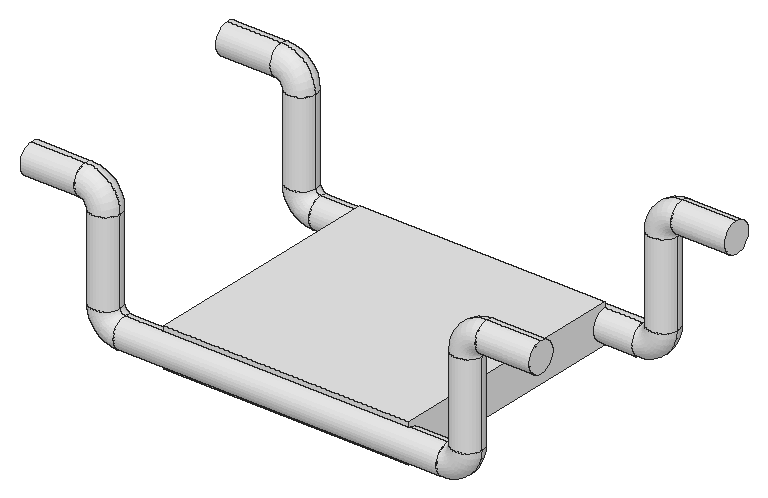
Revit family "a904765e-5bd2-4ae0-a95b-f6b34d1ab062", category Pipe Fittings, Revit 2016
Family settings
  Part Type = Elbow
  Round Connector Dimension = Use Diameter
  OmniClass Number = 23.45.05.14.11.17
  OmniClass Title = Shower/Bath Seats
  Work Plane-Based = No
  Always vertical = Yes
  Cut with Voids When Loaded = No
  Shared = No
Parameters (values of type "Bathtub Seat")
  Width = 1' - 0 1/2"  # constant formula
  White = no
  URL = "www.inprocorp.com"
  Type Comments = "Bathtub Seat"  # constant formula
  Subcategory = "Bath & Toilet Accessories"  # constant formula
  Special Color = no
  Series = "Triton"  # constant formula
  SMARTBIM Object Version = 3  # constant formula
  SMARTBIM Object Created By = "CADdetails, LTD."  # constant formula
  Revisions Date = "03/26/2010"  # constant formula
  Model = if(Special Color, "DSGBRWBS", if(White, "DSGBRWBS-WHT", "DSGBRWBS-IVRY"))  # "DSGBRWBS-IVRY"
  Masterformat Title = "Bath Accessories"  # constant formula
  Masterformat Number = "10.28.16"  # constant formula
  Manufacturer = "Inpro"  # constant formula
  Length_Seat = 1' - 0 1/2"  # constant formula
  Length = 2' - 2"
  LEED = ""
  Ivory = not(or(Special Color, White))  # yes
  Height = Default Elevation  # 3' - 0"
  HPD and EPD URL = "https://www.inprocorp.com/AboutInpro/OurObsessions/160160EPDHPDLibrary/tabid/364/Default.aspx"
  Description = "Removable & Width Adjustable"  # constant formula
  Revit Family Created by = "CADdetails, LTD."  # constant formula
  Depth = 0' - 6 5/16"  # constant formula
  Default Elevation = 3' - 0"
  Bath Seat = PVC - InPro - White
  Assembly Code = "C1030200"
  Arm Length = 1' - 6 1/2"
  Architectural Design Manual = "www.inprocorp.com/Products/Details.aspx?ProductId=463#downloads"
  95 CSI = "10800"  # constant formula
  04 CSI = "10 28 00"  # constant formula
Reference planes (in)
  plane 1 "Left": x = -10.89705
  plane 2: z = 0
  plane 3 "Front": y = -22.02228
  plane 4 "Top": z = 36
  plane 5 "Bottom": z = 29.6875
  plane 6 "Right": x = 15.10295
  plane 7 "Center (Left/Right)": x = 2.10295
  plane 8 "Back": y = -9.52228
  plane 9 "Left_Arm Seat": x = -7.14705
  plane 10 "Right_Arm Seat": x = 11.35295
  plane 11 "Left Edge_Seat": x = -4.14705
  plane 12 "Right Edge_Seat": x = 8.35295
  plane 13 "Center (Front/Back)": y = -15.77228
  plane 14 "Top of Tub": z = 35.25
Forms (in)
  Sweep 1, solid, material "PVC - InPro - White" <- "Bath Seat"
    path origin (0, -22.02228, 0) x (-1, 0, 0) y (0, 0, 1)
      loop
        line (10.89705, 36) -> (8.14705, 36)
        arc (8.14705, 36) -> (7.43994, 35.70711) -> (7.14705, 35) r 1
        line (7.14705, 35) -> (7.14705, 30.6875)
        arc (7.14705, 30.6875) -> (6.85415, 29.98039) -> (6.14705, 29.6875) r 1
        line (6.14705, 29.6875) -> (-10.35295, 29.6875)
        arc (-10.35295, 29.6875) -> (-11.06006, 29.98039) -> (-11.35295, 30.6875) r 1
        line (-11.35295, 30.6875) -> (-11.35295, 35)
        arc (-11.35295, 35) -> (-11.64585, 35.70711) -> (-12.35295, 36) r 1
        line (-12.35295, 36) -> (-15.10295, 36)
    profile origin (-9.52205, -22.02228, 36) x (0, 0, -1) y (0, 1, 0)
      loop
        circle (0, 0) r 0.75
  Sweep 2, solid, material "PVC - InPro - White" <- "Bath Seat"
    path origin (-13.64705, -9.52228, 47.24409) x (-1, 0, 0) y (0, 0, 1)
      loop
        line (-2.75, -11.24409) -> (-5.5, -11.24409)
        arc (-5.5, -11.24409) -> (-6.20711, -11.53699) -> (-6.5, -12.24409) r 1
        line (-6.5, -12.24409) -> (-6.5, -16.55659)
        arc (-6.5, -16.55659) -> (-6.79289, -17.2637) -> (-7.5, -17.55659) r 1
        line (-7.5, -17.55659) -> (-24, -17.55659)
        arc (-24, -17.55659) -> (-24.70711, -17.2637) -> (-25, -16.55659) r 1
        line (-25, -16.55659) -> (-25, -12.24409)
        arc (-25, -12.24409) -> (-25.29289, -11.53699) -> (-26, -11.24409) r 1
        line (-26, -11.24409) -> (-28.75, -11.24409)
    profile origin (-9.52205, -9.52228, 36) x (0, 0, -1) y (0, 1, 0)
      loop
        circle (0, 0) r 0.75
  Extrusion 3, solid, material "PVC - InPro - White" <- "Bath Seat"
    sketch origin (2.10295, 0, 0) x (0, 0, 1) y (0, -1, 0)
      loop
        line (30.6875, 22.02228) -> (28.6875, 22.02228) -> (28.6875, 9.52228) -> (30.6875, 9.52228) -> (30.6875, 22.02228)
    from -6.25 to 6.25
Lines and regions (in)
  Masking region 1, detail levels coarse
    outline origin (0, 0, 0) x (1, 0, 0) y (0, 1, 0)
      loop
        line (-10.89705, -8.77228) -> (-10.89705, -22.77228) -> (15.10295, -22.77228) -> (15.10295, -8.77228) -> (-10.89705, -8.77228)
  Masking region 2, detail levels medium+fine
    outline origin (0, 0, 0) x (1, 0, 0) y (0, 1, 0)
      loop
        line (-10.89705, -8.77228) -> (-10.89705, -10.27228) -> (15.10295, -10.27228) -> (15.10295, -8.77228) -> (-10.89705, -8.77228)
  Masking region 3, detail levels medium+fine
    outline origin (0, 0, 0) x (1, 0, 0) y (0, 1, 0)
      loop
        line (-10.89705, -21.27228) -> (-10.89705, -22.77228) -> (15.10295, -22.77228) -> (15.10295, -21.27228) -> (-10.89705, -21.27228)
  Masking region 4, detail levels medium+fine
    outline origin (0, 0, 0) x (1, 0, 0) y (0, 1, 0)
      loop
        line (-4.14705, -8.52228) -> (-4.14705, -23.02228) -> (8.35295, -23.02228) -> (8.35295, -8.52228) -> (-4.14705, -8.52228)
  Masking region 5, detail levels medium+fine
    outline origin (0, -22.02228, 0) x (-1, 0, 0) y (0, 0, 1)
      loop
        line (10.89705, 35.25) -> (10.89705, 36.75) -> (8.14705, 36.75)
        arc (8.14705, 36.75) -> (6.90961, 36.23744) -> (6.39705, 35) r 1.75
        line (6.39705, 35) -> (6.39705, 30.4375) -> (-10.60295, 30.4375) -> (-10.60295, 35)
        arc (-10.60295, 35) -> (-11.11552, 36.23744) -> (-12.35295, 36.75) r 1.75
        line (-12.35295, 36.75) -> (-15.10295, 36.75) -> (-15.10295, 35.25) -> (-12.10295, 35.25) -> (-12.10295, 30.6875)
        arc (-12.10295, 30.6875) -> (-11.59039, 29.45006) -> (-10.35295, 28.9375) r 1.75
        line (-10.35295, 28.9375) -> (6.14705, 28.9375)
        arc (6.14705, 28.9375) -> (7.38448, 29.45006) -> (7.89705, 30.6875) r 1.75
        line (7.89705, 30.6875) -> (7.89705, 35.25) -> (10.89705, 35.25)
  Masking region 6, detail levels fine
    outline origin (0, -22.02228, 0) x (-1, 0, 0) y (0, 0, 1)
      loop
        line (4.14705, 30.6875) -> (-8.35295, 30.6875) -> (-8.35295, 28.6875) -> (4.14705, 28.6875) -> (4.14705, 30.6875)
  Masking region 7, detail levels medium+fine
    outline origin (2.10295, 0, 0) x (0, 0, 1) y (0, -1, 0)
      loop
        line (30.6875, 23.02228) -> (28.6875, 23.02228) -> (28.6875, 8.52228) -> (30.6875, 8.52228) -> (30.6875, 23.02228)
  Masking region 8, detail levels medium+fine
    outline origin (2.10295, 0, 0) x (0, 0, 1) y (0, -1, 0)
      loop
        line (36, 10.27228) -> (29.6875, 10.27228)
        arc (29.6875, 10.27228) -> (29.15717, 10.05261) -> (28.9375, 9.52228) r 0.75
        arc (28.9375, 9.52228) -> (29.15717, 8.99195) -> (29.6875, 8.77228) r 0.75
        line (29.6875, 8.77228) -> (36, 8.77228)
        arc (36, 8.77228) -> (36.53033, 8.99195) -> (36.75, 9.52228) r 0.75
        arc (36.75, 9.52228) -> (36.53033, 10.05261) -> (36, 10.27228) r 0.75
  Masking region 9, detail levels medium+fine
    outline origin (2.10295, 0, 0) x (0, 0, 1) y (0, -1, 0)
      loop
        line (36, 22.77228) -> (29.6875, 22.77228)
        arc (29.6875, 22.77228) -> (29.15717, 22.55261) -> (28.9375, 22.02228) r 0.75
        arc (28.9375, 22.02228) -> (29.15717, 21.49195) -> (29.6875, 21.27228) r 0.75
        line (29.6875, 21.27228) -> (36, 21.27228)
        arc (36, 21.27228) -> (36.53033, 21.49195) -> (36.75, 22.02228) r 0.75
        arc (36.75, 22.02228) -> (36.53033, 22.55261) -> (36, 22.77228) r 0.75
  reference lines
    curve 1: line (-7.98125, -22.02228, 30.6875) -> (12.01875, -22.02228, 30.6875)
    curve 2: line (-7.98125, -22.02228, 28.6875) -> (12.01875, -22.02228, 28.6875)
  symbolic lines, detail levels coarse
    curve 3: line (-10.89705, -8.77228, 0) -> (15.10295, -22.77228, 0)
    curve 4: line (15.10295, -8.77228, 0) -> (-10.89705, -22.77228, 0)
    curve 31: line (-10.89705, -8.52228, 36.75) -> (-10.89705, -23.02228, 36.75)
    curve 32: line (-10.89705, -23.02228, 28.6875) -> (-10.89705, -23.02228, 36.75)
    curve 33: line (-10.89705, -8.52228, 28.6875) -> (-10.89705, -23.02228, 28.6875)
    curve 34: line (-10.89705, -8.52228, 36.75) -> (-10.89705, -8.52228, 28.6875)
    curve 35: line (-10.89705, -8.52228, 36.75) -> (-10.89705, -23.02228, 28.6875)
    curve 36: line (-10.89705, -8.52228, 28.6875) -> (-10.89705, -23.02228, 36.75)
    curve 37: line (-10.89705, -22.02228, 36.75) -> (-10.89705, -22.02228, 28.6875)
    curve 38: line (-10.89705, -22.02228, 28.6875) -> (15.10295, -22.02228, 28.6875)
    curve 39: line (15.10295, -22.02228, 28.6875) -> (15.10295, -22.02228, 36.75)
    curve 40: line (15.10295, -22.02228, 36.75) -> (-10.89705, -22.02228, 36.75)
    curve 41: line (-10.89705, -22.02228, 36.75) -> (15.10295, -22.02228, 28.6875)
    curve 42: line (-10.89705, -22.02228, 28.6875) -> (15.10295, -22.02228, 36.75)
  symbolic lines, detail levels fine
    curve 5: line (1.10295, -10.27228, 0) -> (3.10295, -10.27228, 0)
    curve 6: line (1.10295, -21.27228, 0) -> (1.10295, -10.27228, 0)
    curve 7: line (3.10295, -21.27228, 0) -> (1.10295, -21.27228, 0)
    curve 8: line (3.10295, -10.27228, 0) -> (3.10295, -21.27228, 0)
    curve 9: line (5.338, -10.27228, 0) -> (6.338, -10.27228, 0)
    curve 10: line (5.338, -23.02228, 0) -> (5.338, -8.52228, 0)
    curve 11: line (6.338, -21.27228, 0) -> (5.338, -21.27228, 0)
    curve 12: line (6.338, -10.27228, 0) -> (6.338, -21.27228, 0)
    curve 13: line (-1.13209, -10.27228, 0) -> (-2.13209, -10.27228, 0)
    curve 14: line (-1.13209, -23.02228, 0) -> (-1.13209, -8.52228, 0)
    curve 15: line (-2.13209, -21.27228, 0) -> (-1.13209, -21.27228, 0)
    curve 16: line (-2.13209, -10.27228, 0) -> (-2.13209, -21.27228, 0)
    curve 17: line (2.10295, -10.27228, 0) -> (2.10295, -8.52228, 0)
    curve 18: line (2.10295, -21.27228, 0) -> (2.10295, -23.02228, 0)
    curve 23: line (2.10295, -10.27228, 34) -> (2.10295, -21.27228, 34)
    curve 24: line (2.10295, -10.27228, 33) -> (2.10295, -10.27228, 34)
    curve 25: line (2.10295, -21.27228, 33) -> (2.10295, -10.27228, 33)
    curve 26: line (2.10295, -21.27228, 34) -> (2.10295, -21.27228, 33)
    curve 27: arc (11.35295, -8.77228, 0) -> (10.60295, -9.52228, 0) -> (11.35295, -10.27228, 0) r 0.75
    curve 28: arc (-7.14705, -10.27228, 0) -> (-6.39705, -9.52228, 0) -> (-7.14705, -8.77228, 0) r 0.75
    curve 29: arc (11.35295, -22.77228, 0) -> (10.60295, -22.02228, 0) -> (11.35295, -21.27228, 0) r 0.75
    curve 30: arc (-7.14705, -21.27228, 0) -> (-6.39705, -22.02228, 0) -> (-7.14705, -22.77228, 0) r 0.75
  symbolic lines, detail levels medium+fine
    curve 19: arc (2.10295, -9.52228, 36.75) -> (2.10295, -8.77228, 36) -> (2.10295, -9.52228, 35.25) r 0.75
    curve 20: arc (2.10295, -9.52228, 35.25) -> (2.10295, -10.27228, 36) -> (2.10295, -9.52228, 36.75) r 0.75
    curve 21: arc (2.10295, -22.02228, 36.75) -> (2.10295, -21.27228, 36) -> (2.10295, -22.02228, 35.25) r 0.75
    curve 22: arc (2.10295, -22.02228, 35.25) -> (2.10295, -22.77228, 36) -> (2.10295, -22.02228, 36.75) r 0.75
Dimensions and locks (in)
  "Width": plane 3 "Front" to plane 8 "Back"
  "Arm Length": plane 10 "Right_Arm Seat" to plane 9 "Left_Arm Seat"
  equal spacing: plane 10 "Right_Arm Seat", plane 7 "Center (Left/Right)", plane 9 "Left_Arm Seat"
  locked: Sweep 1 sketch curve to plane 10 "Right_Arm Seat" at 1
  locked: plane 5 "Bottom" to Sweep 1 sketch curve at 1  (x2)
  locked: Sweep 1 sketch curve to plane 9 "Left_Arm Seat" at 1
  locked: plane 9 "Left_Arm Seat" to Sweep 1 sketch curve at 1
  locked: Sweep 1 sketch curve to plane 4 "Top" at 1  (x2)
  locked: plane 10 "Right_Arm Seat" to Sweep 1 sketch curve at 1
  locked: plane 10 "Right_Arm Seat" to Sweep 2 sketch curve at 1
  locked: Sweep 2 sketch curve to plane 4 "Top" at 1  (x2)
  locked: Sweep 2 sketch curve to plane 10 "Right_Arm Seat" at 1
  locked: plane 5 "Bottom" to Sweep 2 sketch curve at 1  (x2)
  locked: Sweep 2 sketch curve to plane 9 "Left_Arm Seat" at 1
  locked: plane 9 "Left_Arm Seat" to Sweep 2 sketch curve at 1
  equal spacing: plane 11 "Left Edge_Seat", plane 7 "Center (Left/Right)", plane 12 "Right Edge_Seat"
  "Length_Seat": plane 11 "Left Edge_Seat" to plane 12 "Right Edge_Seat"
  "Height": plane 4 "Top" to level
  "Depth": plane 4 "Top" to plane 5 "Bottom"
  locked: curve 1 to curve 2 at 2
  equal spacing: curve 1, plane 5 "Bottom", curve 2
  "Length": plane 1 "Left" to plane 6 "Right"
  equal spacing: plane 1 "Left", plane 7 "Center (Left/Right)", plane 6 "Right"
  locked: plane 3 "Front" to Masking region 1 sketch curve at 0.75
  locked: Masking region 1 sketch curve to plane 8 "Back" at 0.75
  equal spacing: plane 8 "Back", plane 13 "Center (Front/Back)", plane 3 "Front"
  locked: plane 8 "Back" to Masking region 2 sketch curve at 0.75
  locked: Masking region 3 sketch curve to plane 3 "Front" at 0.75
  locked: Masking region 4 sketch curve to Masking region 4 sketch curve at 14.5
  equal spacing: Masking region 4 sketch curve, plane 13 "Center (Front/Back)", Masking region 4 sketch curve
  locked: Masking region 5 sketch curve to plane 9 "Left_Arm Seat" at 1
  locked: Masking region 5 sketch curve to plane 5 "Bottom" at 1  (x2)
  equal spacing: Masking region 5 sketch curve, plane 5 "Bottom", Masking region 5 sketch curve, locked at 0.75 each
  locked: plane 9 "Left_Arm Seat" to Masking region 5 sketch curve at 1
  locked: plane 4 "Top" to Masking region 5 sketch curve at 1  (x2)
  locked: plane 10 "Right_Arm Seat" to Masking region 5 sketch curve at 1
  locked: Masking region 5 sketch curve to plane 10 "Right_Arm Seat" at 1
  locked: Masking region 7 sketch curve to plane 8 "Back" at 1
  locked: plane 3 "Front" to Masking region 7 sketch curve at 1
  plane 4 "Top" to curve 23 to curve 25 = 0' - 2" locked, 0' - 1" locked
  locked: plane 4 "Top" to plane 14 "Top of Tub" at 0.75
  locked: plane 4 "Top" to curve 31 at 0.75
  aligned and locked: Extrusion 3 to plane 11 "Left Edge_Seat"
  aligned and locked: plane 10 "Right_Arm Seat" to Sweep 1 sketch curve
  aligned and locked: plane 4 "Top" to Sweep 1 sketch curve  (x3)
  aligned and locked: plane 9 "Left_Arm Seat" to Sweep 1 sketch curve
  aligned and locked: plane 5 "Bottom" to Sweep 1 sketch curve
  aligned and locked: plane 6 "Right" to Sweep 1 sketch curve
  aligned and locked: plane 1 "Left" to Sweep 1 sketch curve
  aligned and locked: plane 3 "Front" to Sweep 1 sketch curve
  aligned and locked: plane 5 "Bottom" to Sweep 2 sketch curve
  aligned and locked: plane 4 "Top" to Sweep 2 sketch curve  (x3)
  aligned and locked: plane 9 "Left_Arm Seat" to Sweep 2 sketch curve
  aligned and locked: plane 10 "Right_Arm Seat" to Sweep 2 sketch curve
  aligned and locked: plane 6 "Right" to Sweep 2 sketch curve
  aligned and locked: plane 1 "Left" to Sweep 2 sketch curve
  aligned and locked: profile plane to plane 4 "Top"
  aligned and locked: plane 8 "Back" to Sweep 2 sketch curve
  aligned and locked: Extrusion 3 to plane 12 "Right Edge_Seat"
  aligned and locked: Sweep 2 to Masking region 1 sketch curve
  aligned and locked: Masking region 1 sketch curve to Sweep 1
  aligned and locked: Masking region 1 to curve 3  (x2)
  aligned and locked: curve 4 to Masking region 1  (x2)
  aligned and locked: Masking region 2 sketch curve to Sweep 2
  aligned and locked: Masking region 2 sketch curve to Masking region 1
  aligned and locked: plane 1 "Left" to Masking region 2 sketch curve
  aligned and locked: Masking region 3 sketch curve to Masking region 1
  aligned and locked: Masking region 3 sketch curve to plane 6 "Right"
  aligned and locked: plane 1 "Left" to Masking region 3 sketch curve
  aligned and locked: plane 11 "Left Edge_Seat" to Masking region 4 sketch curve
  aligned and locked: plane 12 "Right Edge_Seat" to Masking region 4 sketch curve
  aligned and locked: Extrusion 3 to plane 3 "Front"
  aligned and locked: plane 8 "Back" to Extrusion 3
  aligned and locked: Masking region 2 to curve 5
  aligned and locked: Masking region 2 to curve 9
  aligned and locked: Masking region 3 to curve 7
  aligned and locked: Masking region 3 to curve 11
  aligned and locked: Masking region 4 to curve 10  (x2)
  aligned and locked: Masking region 4 to curve 14  (x2)
  aligned and locked: Masking region 4 to curve 17
  aligned and locked: plane 7 "Center (Left/Right)" to curve 17
  aligned and locked: Masking region 4 to curve 18
  aligned and locked: curve 18 to plane 7 "Center (Left/Right)"
  aligned and locked: curve 7 to curve 18
  aligned and locked: Sweep 1 to Masking region 5 sketch curve
  aligned and locked: Masking region 5 sketch curve to Sweep 1  (x3)
  aligned and locked: Masking region 5 sketch curve to plane 6 "Right"
  aligned and locked: Masking region 5 sketch curve to Masking region 5 sketch curve  (x2)
  aligned and locked: Masking region 6 sketch curve to Extrusion 3  (x4)
  aligned and locked: Masking region 7 sketch curve to Extrusion 3  (x2)
  aligned and locked: Masking region 8 sketch curve to Sweep 2
  aligned and locked: plane 5 "Bottom" to Masking region 8 sketch curve  (x2)
  aligned and locked: plane 4 "Top" to Masking region 8 sketch curve  (x2)
  aligned and locked: Masking region 9 sketch curve to Sweep 1
  aligned and locked: plane 5 "Bottom" to Masking region 9 sketch curve  (x2)
  aligned and locked: plane 4 "Top" to Masking region 9 sketch curve  (x2)
  aligned and locked: curve 19 to Sweep 2
  aligned and locked: curve 21 to Sweep 1
  aligned and locked: curve 26 to Masking region 9
  aligned and locked: curve 24 to Masking region 8
  aligned and locked: plane 7 "Center (Left/Right)" to nested 1
  aligned and locked: nested 1 to plane 13 "Center (Front/Back)"
  aligned and locked: plane 8 "Back" to curve 27
  aligned and locked: plane 10 "Right_Arm Seat" to curve 27
  aligned and locked: plane 9 "Left_Arm Seat" to curve 28
  aligned and locked: plane 8 "Back" to curve 28
  aligned and locked: plane 10 "Right_Arm Seat" to curve 29
  aligned and locked: plane 3 "Front" to curve 29
  aligned and locked: plane 9 "Left_Arm Seat" to curve 30
  aligned and locked: plane 3 "Front" to curve 30
  aligned and locked: curve 38 to curve 2
  aligned and locked: plane 6 "Right" to curve 39
  aligned and locked: curve 37 to plane 1 "Left"
  aligned and locked: curve 40 to Masking region 5
  aligned and locked: plane 6 "Right" to curve 42
  aligned and locked: curve 37 to curve 42
  aligned and locked: curve 40 to curve 41
  aligned and locked: curve 38 to curve 41
  aligned and locked: curve 34 to Masking region 7
  aligned and locked: curve 32 to Masking region 7
  aligned and locked: curve 32 to curve 36
  aligned and locked: curve 31 to curve 36
  aligned and locked: curve 34 to curve 36
  aligned and locked: curve 36 to Extrusion 3
  aligned and locked: Extrusion 3 to curve 35
  aligned and locked: curve 2 to Extrusion 3
  aligned and locked: Extrusion 3 to curve 1
Automatic sketch dimensions
  plane 5 "Bottom" to Masking region 5 sketch curve = 0' - 0 3/4"
  curve 4 to plane 1 "Left" = 0' - 0"
  curve 3 to plane 1 "Left" = 0' - 0"
  curve 3 to plane 6 "Right" = 0' - 0"
  curve 4 to plane 6 "Right" = 0' - 0"
  plane 3 "Front" to curve 16 = 0' - 0 3/4"
  plane 11 "Left Edge_Seat" to curve 16 = 0' - 2.01495"
  curve 13 to curve 14 = 0' - 1"
  curve 6 to plane 7 "Center (Left/Right)" = 0' - 1"
  curve 18 to curve 8 = 0' - 1"
  curve 7 to curve 11 = 0' - 2.23505"
  curve 9 to curve 9 = 0' - 1"
  curve 30 to curve 30 = 0' - 0 3/4"
  curve 29 to curve 29 = 0' - 0 3/4"
  curve 13 to plane 8 "Back" = 0' - 0 3/4"
  curve 28 to curve 28 = 0' - 0 3/4"
  curve 27 to curve 27 = 0' - 0 3/4"
  Extrusion 3 sketch curve to plane 3 "Front" = 0' - 0"
  Extrusion 3 sketch curve to plane 8 "Back" = 0' - 0"
  Extrusion 3 sketch curve to plane 5 "Bottom" = 0' - 1"
  plane 5 "Bottom" to Extrusion 3 sketch curve = 0' - 1"
  curve 2 to plane 10 "Right_Arm Seat" = 0' - 0.6658"
  curve 1 to plane 10 "Right_Arm Seat" = 0' - 0.6658"
  curve 2 to plane 9 "Left_Arm Seat" = 0' - 0.8342"
  curve 1 to plane 9 "Left_Arm Seat" = 0' - 0.8342"
  radius of Sweep 2 sketch curve = 0' - 0 3/4"
  radius of Sweep 1 sketch curve = 0' - 0 3/4"
Nested families (in)
  nested 1: "Label Annotation 1_16 - Middle" at (2.10295, -15.77228, 0), type "Label Annotation 1_16 - Middle", detail levels coarse
Definition of nested family "Label Annotation 1_16 - Middle"
  Parameters
    Label = "TP"
  Reference planes (in)
    plane 1: y = 0
    plane 2: x = 0
  Text (in)
    label "Label" at (0.00375, -0.00345, 0), shows "Label"
